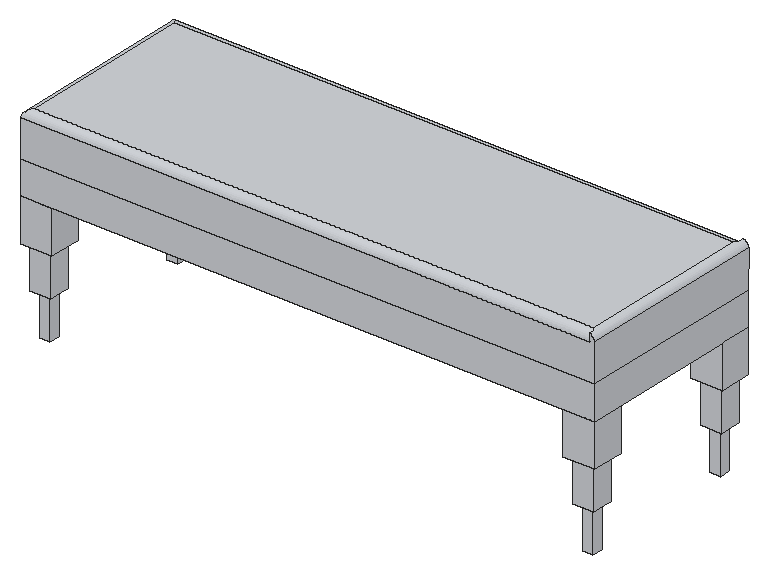
Revit family "International_Style_Custom_Footer_Bench_11336", category Мебель, Revit 2017
Family settings
  Номер OmniClass = 23.40.20.00
  Заголовок OmniClass = General Furniture and Specialties
  На основе рабочей плоскости = Нет
  Всегда вертикально = Да
  При загрузке вырезать с полостями = Нет
  Общий = Нет
  Точка расчета площади = Нет
Parameters
  bench fabric = none
  Bench wood = none
Reference planes (in)
  plane 1 "Center Front/Back": y = 0
  plane 2: z = 0
  plane 3 "Center Left/Right": x = 0
Forms (in)
  Extrusion 1, solid, material <- "bench fabric"
    sketch origin (27, 0, 0) x (-1, 0, 0) y (0, 0, -1)
      loop
        line (54, -15.13282) -> (0.00782, -15.13282) -> (0.00782, -19.32007) -> (54, -19.32007) -> (54, -15.13282)
    from 0 to -18
  Extrusion 2, solid, material <- "Bench wood"
    sketch origin (27, 0, 0) x (-1, 0, 0) y (0, 0, -1)
      loop
        line (54, -12) -> (0.00782, -12) -> (0.00782, -15.13282) -> (54, -15.13282) -> (54, -12)
    from 0 to -18
  Extrusion 3, solid, material <- "Bench wood"
    sketch origin (27, 0, 0) x (-1, 0, 0) y (0, 0, -1)
      loop
        line (3, -12) -> (3, -8) -> (0.00782, -8) -> (0.00782, -12) -> (3, -12)
      loop
        line (54, -12) -> (54, -8) -> (51, -8) -> (51, -12) -> (54, -12)
    from 0 to -18
  Extrusion 4, solid, material <- "Bench wood"
    sketch origin (27, 0, 0) x (-1, 0, 0) y (0, 0, -1)
      loop
        line (53.4994, -8) -> (53.4994, -4) -> (51.4994, -4) -> (51.4994, -8) -> (53.4994, -8)
      loop
        line (2.4994, -8) -> (2.4994, -4) -> (0.4994, -4) -> (0.4994, -8) -> (2.4994, -8)
    from -17.5 to -0.5
  Extrusion 5, solid, material <- "Bench wood"
    sketch origin (27, 0, 0) x (-1, 0, 0) y (0, 0, -1)
      loop
        line (52.9994, 0) -> (51.9994, 0) -> (51.9994, -4) -> (52.9994, -4) -> (52.9994, 0)
      loop
        line (1.9994, 0) -> (0.9994, 0) -> (0.9994, -4) -> (1.9994, -4) -> (1.9994, 0)
    from -1 to -17
  Extrusion 6, void
    sketch origin (-26.4994, 0, 4) x (0, 0, -1) y (0, 1, 0)
      loop
        line (-8, 15) -> (-8, 3) -> (-4, 3) -> (-4, 2.5) -> (0, 2.5) -> (0, 2) -> (4, 2) -> (4, 16) -> (0, 16) -> (0, 15.5) -> (-4, 15.5) -> (-4, 15) -> (-8, 15)
    from -1.47928 to 55.89549
  Extrusion 7, void
    sketch origin (27, 0, 0) x (1, 0, 0) y (0, 0, -1)
      loop
        line (-54, -18.57007) -> (-54, -19.32007) -> (-53.25, -19.32007)
        arc (-53.25, -19.32007) -> (-53.78033, -19.1004) -> (-54, -18.57007) r 0.75
      loop
        arc (0, -18.57007) -> (-0.21967, -19.1004) -> (-0.75, -19.32007) r 0.75
        line (-0.75, -19.32007) -> (0, -19.32007) -> (0, -18.57007)
    from 0 to 18
  Extrusion 8, void
    sketch origin (-27, 0, 12.1822) x (0, 0, 1) y (0, -1, 0)
      loop
        line (6.38788, -18) -> (7.13788, -18) -> (7.13788, -17.25)
        arc (7.13788, -17.25) -> (6.91821, -17.78033) -> (6.38788, -18) r 0.75
      loop
        arc (6.38788, 0) -> (6.91821, -0.21967) -> (7.13788, -0.75) r 0.75
        line (7.13788, -0.75) -> (7.13788, 0) -> (6.38788, 0)
    from 0 to 53.5006
Cuts and joins
  Extrusion 6 cuts Extrusion 2
  Extrusion 6 cuts Extrusion 3
  Extrusion 6 cuts Extrusion 4
  Extrusion 6 cuts Extrusion 5
  Extrusion 7, Extrusion 8 cuts Extrusion 1
